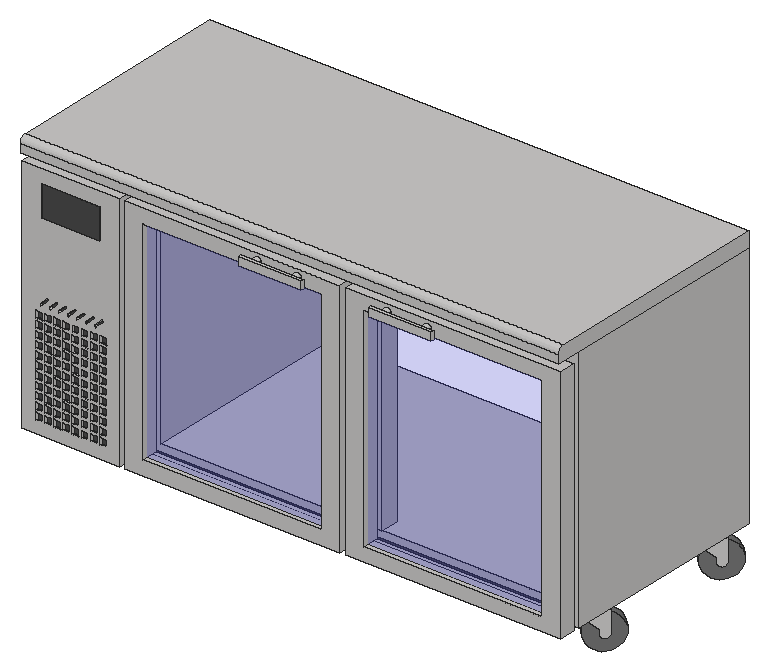
Revit family "QF_Turbo Air_JUR-60-G6ab270f9-b855-4d16-9dae-2dbcf4addbfa", category Specialty Equipment, Revit 2012
Parameters
  Weight in Pounds = 275
  Watermarked By = "http://revitwatermark.com"
  Volts = 115 V
  URL Cutsheet = ""
  URL = "www.turboairinc.com"
  Status [instance] = ""
  Specification by User [instance] = ""
  Specification by Manufacturer [instance] = ""
  Serial Number [instance] = ""
  Revision Code [instance] = ""
  Phase = 1
  Number of Poles [instance] = 1
  NAFEM Spec ID Number [instance] = ""
  Model = "JUR-60-G"
  Masterspec [instance] = ""
  Manufacturer = "Turbo Air"  # constant formula
  Legs [instance] = [6 inch Legs]  # no
  Item Number [instance] = "-"
  Installed By [instance] = ""
  HP = "1/4"
  Furnished By [instance] = ""
  Foodservice Equipment Identifier = yes
  FL Amps = 4.8 A
  Electrical Remarks [instance] = ""
  Electric Connection Type [instance] = ""
  Elec Conn RI Height [instance] = 0' - 0"
  Elec Conn Connection Height = 1' - 0"
  Description = "Undercounter Refrigerator"
  Cycle = 60 Hz
  Conn Plug = "NEMA 5-15P"
  Casters [instance] = not(Legs)  # yes
  CasterLeg Height [instance] = if([4 inch Casters], 0' 5", if([5 inch Casters], 0' 5 3/4", if([2_5 inch Casters], 0' 3 3/8", 0' 6")))  # 0' - 5"
  CSI MasterFormat = "11 41 13"
  Assembly Code = "E1090320"
  Apparent Power = if(Phase = 3, Volts * FL Amps * 1.73, Volts * FL Amps)  # 552 VA
  6 inch Legs [instance] = no
  5 inch Casters [instance] = no
  4 inch Casters [instance] = yes
  2_5 inch Casters [instance] = no
Reference planes (in)
  plane 1 "BACK": y = -1.5
  plane 2: z = 0
  plane 3 "LEFT": x = -20.72594
  plane 4 "Bottom": z = 5
  plane 5 "Back Stops": y = -0.5
  plane 6 "RIGHT": x = 38.27406
  plane 7 "FRONT": y = -29
  plane 8 "Door Clearance": y = -49.25
  plane 9 "Back of Door": y = -25.4375
  plane 10 "Front of Box": y = -24.75
  plane 11 "Counter Top": z = 33.75
  plane 12 "Top of Door": z = 31.25
  plane 13 "Front of Doors": y = -27.25
  plane 14 "Front of Ledge": y = -27.5
  plane 15 "Left of Right Door": x = 14.71156
  plane 16 "Right of Grill": x = -9.97594
  plane 17 "Right of Left Door": x = 14.08656
  plane 18 "Left of Left Door": x = -9.47594
Forms (in)
  Extrusion 1, solid, material "QF_Finishes_Stainless Steel"
    sketch origin (-20.72594, 0, 0) x (0, 1, 0) y (0, 0, 1)
      loop
        line (-1.5, 32.125) -> (-1.5, 33.75) -> (-26.8125, 33.75)
        arc (-26.8125, 33.75) -> (-27.29864, 33.54864) -> (-27.5, 33.0625) r 0.6875
        line (-27.5, 33.0625) -> (-27.5, 32.125) -> (-1.5, 32.125)
    from 0 to 59
  Extrusion 2, solid, material "QF_Finishes_Black"
    sketch origin (0, -24.75, 0) x (1, 0, 0) y (0, 0, 1)
      loop
        line (37.27406, 6) -> (37.27406, 30.25) -> (15.71156, 30.25) -> (15.71156, 6) -> (37.27406, 6)
      loop
        line (13.08656, 6) -> (13.08656, 30.25) -> (-8.47594, 30.25) -> (-8.47594, 6) -> (13.08656, 6)
      loop
        line (-8.22594, 6.25) -> (12.83656, 6.25) -> (12.83656, 30) -> (-8.22594, 30) -> (-8.22594, 6.25)
      loop
        line (15.96156, 30) -> (15.96156, 6.25) -> (37.02406, 6.25) -> (37.02406, 30) -> (15.96156, 30)
    from 0 to 0.6875
  Extrusion 3, solid, material "QF_Finishes_Black"
    sketch origin (0, -1.5, 0) x (1, 0, 0) y (0, 0, 1)
      loop
        circle (-14.60094, 28.9375) r 0.5
      loop
        circle (32.14906, 28.9375) r 0.5
    from 0 to -1
  Extrusion 4, solid, material "QF_Finishes_Stainless Steel"
    sketch origin (0, -1.5, 0) x (1, 0, 0) y (0, 0, 1)
      loop
        circle (-15.35094, 11.125) r 0.25
    from 0 to -0.0625
  Extrusion 5, solid, material "QF_Finishes_Stainless Steel"
    sketch origin (0, -24.75, 0) x (1, 0, 0) y (0, 0, 1)
      loop
        line (-20.72594, 31.25) -> (-20.72594, 5) -> (-9.97594, 5) -> (-9.97594, 31.25) -> (-20.72594, 31.25)
      loop
        line (-11.47594, 7.125) -> (-12.22594, 7.125) -> (-12.22594, 6.375) -> (-11.47594, 6.375) -> (-11.47594, 7.125)
      loop
        line (-12.47594, 7.125) -> (-13.22594, 7.125) -> (-13.22594, 6.375) -> (-12.47594, 6.375) -> (-12.47594, 7.125)
      loop
        line (-13.47594, 7.125) -> (-14.22594, 7.125) -> (-14.22594, 6.375) -> (-13.47594, 6.375) -> (-13.47594, 7.125)
      loop
        line (-14.47594, 7.125) -> (-15.22594, 7.125) -> (-15.22594, 6.375) -> (-14.47594, 6.375) -> (-14.47594, 7.125)
      loop
        line (-15.47594, 7.125) -> (-16.22594, 7.125) -> (-16.22594, 6.375) -> (-15.47594, 6.375) -> (-15.47594, 7.125)
      loop
        line (-16.47594, 7.125) -> (-17.22594, 7.125) -> (-17.22594, 6.375) -> (-16.47594, 6.375) -> (-16.47594, 7.125)
      loop
        line (-17.47594, 7.125) -> (-18.22594, 7.125) -> (-18.22594, 6.375) -> (-17.47594, 6.375) -> (-17.47594, 7.125)
      loop
        line (-18.47594, 7.125) -> (-19.22594, 7.125) -> (-19.22594, 6.375) -> (-18.47594, 6.375) -> (-18.47594, 7.125)
      loop
        line (-11.47594, 8.125) -> (-12.22594, 8.125) -> (-12.22594, 7.375) -> (-11.47594, 7.375) -> (-11.47594, 8.125)
      loop
        line (-12.47594, 8.125) -> (-13.22594, 8.125) -> (-13.22594, 7.375) -> (-12.47594, 7.375) -> (-12.47594, 8.125)
      loop
        line (-13.47594, 8.125) -> (-14.22594, 8.125) -> (-14.22594, 7.375) -> (-13.47594, 7.375) -> (-13.47594, 8.125)
      loop
        line (-14.47594, 8.125) -> (-15.22594, 8.125) -> (-15.22594, 7.375) -> (-14.47594, 7.375) -> (-14.47594, 8.125)
      loop
        line (-15.47594, 8.125) -> (-16.22594, 8.125) -> (-16.22594, 7.375) -> (-15.47594, 7.375) -> (-15.47594, 8.125)
      loop
        line (-16.47594, 8.125) -> (-17.22594, 8.125) -> (-17.22594, 7.375) -> (-16.47594, 7.375) -> (-16.47594, 8.125)
      loop
        line (-17.47594, 8.125) -> (-18.22594, 8.125) -> (-18.22594, 7.375) -> (-17.47594, 7.375) -> (-17.47594, 8.125)
      loop
        line (-18.47594, 8.125) -> (-19.22594, 8.125) -> (-19.22594, 7.375) -> (-18.47594, 7.375) -> (-18.47594, 8.125)
      loop
        line (-11.47594, 9.125) -> (-12.22594, 9.125) -> (-12.22594, 8.375) -> (-11.47594, 8.375) -> (-11.47594, 9.125)
      loop
        line (-12.47594, 9.125) -> (-13.22594, 9.125) -> (-13.22594, 8.375) -> (-12.47594, 8.375) -> (-12.47594, 9.125)
      loop
        line (-13.47594, 9.125) -> (-14.22594, 9.125) -> (-14.22594, 8.375) -> (-13.47594, 8.375) -> (-13.47594, 9.125)
      loop
        line (-14.47594, 9.125) -> (-15.22594, 9.125) -> (-15.22594, 8.375) -> (-14.47594, 8.375) -> (-14.47594, 9.125)
      loop
        line (-15.47594, 9.125) -> (-16.22594, 9.125) -> (-16.22594, 8.375) -> (-15.47594, 8.375) -> (-15.47594, 9.125)
      loop
        line (-16.47594, 9.125) -> (-17.22594, 9.125) -> (-17.22594, 8.375) -> (-16.47594, 8.375) -> (-16.47594, 9.125)
      loop
        line (-17.47594, 9.125) -> (-18.22594, 9.125) -> (-18.22594, 8.375) -> (-17.47594, 8.375) -> (-17.47594, 9.125)
      loop
        line (-18.47594, 9.125) -> (-19.22594, 9.125) -> (-19.22594, 8.375) -> (-18.47594, 8.375) -> (-18.47594, 9.125)
      loop
        line (-11.47594, 10.125) -> (-12.22594, 10.125) -> (-12.22594, 9.375) -> (-11.47594, 9.375) -> (-11.47594, 10.125)
      loop
        line (-12.47594, 10.125) -> (-13.22594, 10.125) -> (-13.22594, 9.375) -> (-12.47594, 9.375) -> (-12.47594, 10.125)
      loop
        line (-13.47594, 10.125) -> (-14.22594, 10.125) -> (-14.22594, 9.375) -> (-13.47594, 9.375) -> (-13.47594, 10.125)
      loop
        line (-14.47594, 10.125) -> (-15.22594, 10.125) -> (-15.22594, 9.375) -> (-14.47594, 9.375) -> (-14.47594, 10.125)
      loop
        line (-15.47594, 10.125) -> (-16.22594, 10.125) -> (-16.22594, 9.375) -> (-15.47594, 9.375) -> (-15.47594, 10.125)
      loop
        line (-16.47594, 10.125) -> (-17.22594, 10.125) -> (-17.22594, 9.375) -> (-16.47594, 9.375) -> (-16.47594, 10.125)
      loop
        line (-17.47594, 10.125) -> (-18.22594, 10.125) -> (-18.22594, 9.375) -> (-17.47594, 9.375) -> (-17.47594, 10.125)
      loop
        line (-18.47594, 10.125) -> (-19.22594, 10.125) -> (-19.22594, 9.375) -> (-18.47594, 9.375) -> (-18.47594, 10.125)
      loop
        line (-11.47594, 11.125) -> (-12.22594, 11.125) -> (-12.22594, 10.375) -> (-11.47594, 10.375) -> (-11.47594, 11.125)
      loop
        line (-12.47594, 11.125) -> (-13.22594, 11.125) -> (-13.22594, 10.375) -> (-12.47594, 10.375) -> (-12.47594, 11.125)
      loop
        line (-13.47594, 11.125) -> (-14.22594, 11.125) -> (-14.22594, 10.375) -> (-13.47594, 10.375) -> (-13.47594, 11.125)
      loop
        line (-14.47594, 11.125) -> (-15.22594, 11.125) -> (-15.22594, 10.375) -> (-14.47594, 10.375) -> (-14.47594, 11.125)
      loop
        line (-15.47594, 11.125) -> (-16.22594, 11.125) -> (-16.22594, 10.375) -> (-15.47594, 10.375) -> (-15.47594, 11.125)
      loop
        line (-16.47594, 11.125) -> (-17.22594, 11.125) -> (-17.22594, 10.375) -> (-16.47594, 10.375) -> (-16.47594, 11.125)
      loop
        line (-17.47594, 11.125) -> (-18.22594, 11.125) -> (-18.22594, 10.375) -> (-17.47594, 10.375) -> (-17.47594, 11.125)
      loop
        line (-18.47594, 11.125) -> (-19.22594, 11.125) -> (-19.22594, 10.375) -> (-18.47594, 10.375) -> (-18.47594, 11.125)
      loop
        line (-11.47594, 12.125) -> (-12.22594, 12.125) -> (-12.22594, 11.375) -> (-11.47594, 11.375) -> (-11.47594, 12.125)
      loop
        line (-12.47594, 12.125) -> (-13.22594, 12.125) -> (-13.22594, 11.375) -> (-12.47594, 11.375) -> (-12.47594, 12.125)
      loop
        line (-13.47594, 12.125) -> (-14.22594, 12.125) -> (-14.22594, 11.375) -> (-13.47594, 11.375) -> (-13.47594, 12.125)
      loop
        line (-14.47594, 12.125) -> (-15.22594, 12.125) -> (-15.22594, 11.375) -> (-14.47594, 11.375) -> (-14.47594, 12.125)
      loop
        line (-15.47594, 12.125) -> (-16.22594, 12.125) -> (-16.22594, 11.375) -> (-15.47594, 11.375) -> (-15.47594, 12.125)
      loop
        line (-16.47594, 12.125) -> (-17.22594, 12.125) -> (-17.22594, 11.375) -> (-16.47594, 11.375) -> (-16.47594, 12.125)
      loop
        line (-17.47594, 12.125) -> (-18.22594, 12.125) -> (-18.22594, 11.375) -> (-17.47594, 11.375) -> (-17.47594, 12.125)
      loop
        line (-18.47594, 12.125) -> (-19.22594, 12.125) -> (-19.22594, 11.375) -> (-18.47594, 11.375) -> (-18.47594, 12.125)
      loop
        line (-11.47594, 13.125) -> (-12.22594, 13.125) -> (-12.22594, 12.375) -> (-11.47594, 12.375) -> (-11.47594, 13.125)
      loop
        line (-12.47594, 13.125) -> (-13.22594, 13.125) -> (-13.22594, 12.375) -> (-12.47594, 12.375) -> (-12.47594, 13.125)
      loop
        line (-13.47594, 13.125) -> (-14.22594, 13.125) -> (-14.22594, 12.375) -> (-13.47594, 12.375) -> (-13.47594, 13.125)
      loop
        line (-14.47594, 13.125) -> (-15.22594, 13.125) -> (-15.22594, 12.375) -> (-14.47594, 12.375) -> (-14.47594, 13.125)
      loop
        line (-15.47594, 13.125) -> (-16.22594, 13.125) -> (-16.22594, 12.375) -> (-15.47594, 12.375) -> (-15.47594, 13.125)
      loop
        line (-16.47594, 13.125) -> (-17.22594, 13.125) -> (-17.22594, 12.375) -> (-16.47594, 12.375) -> (-16.47594, 13.125)
      loop
        line (-17.47594, 13.125) -> (-18.22594, 13.125) -> (-18.22594, 12.375) -> (-17.47594, 12.375) -> (-17.47594, 13.125)
      loop
        line (-18.47594, 13.125) -> (-19.22594, 13.125) -> (-19.22594, 12.375) -> (-18.47594, 12.375) -> (-18.47594, 13.125)
      loop
        line (-11.47594, 14.125) -> (-12.22594, 14.125) -> (-12.22594, 13.375) -> (-11.47594, 13.375) -> (-11.47594, 14.125)
      loop
        line (-12.47594, 14.125) -> (-13.22594, 14.125) -> (-13.22594, 13.375) -> (-12.47594, 13.375) -> (-12.47594, 14.125)
      loop
        line (-13.47594, 14.125) -> (-14.22594, 14.125) -> (-14.22594, 13.375) -> (-13.47594, 13.375) -> (-13.47594, 14.125)
      loop
        line (-14.47594, 14.125) -> (-15.22594, 14.125) -> (-15.22594, 13.375) -> (-14.47594, 13.375) -> (-14.47594, 14.125)
      loop
        line (-15.47594, 14.125) -> (-16.22594, 14.125) -> (-16.22594, 13.375) -> (-15.47594, 13.375) -> (-15.47594, 14.125)
      loop
        line (-16.47594, 14.125) -> (-17.22594, 14.125) -> (-17.22594, 13.375) -> (-16.47594, 13.375) -> (-16.47594, 14.125)
      loop
        line (-17.47594, 14.125) -> (-18.22594, 14.125) -> (-18.22594, 13.375) -> (-17.47594, 13.375) -> (-17.47594, 14.125)
      loop
        line (-18.47594, 14.125) -> (-19.22594, 14.125) -> (-19.22594, 13.375) -> (-18.47594, 13.375) -> (-18.47594, 14.125)
      loop
        line (-11.47594, 15.125) -> (-12.22594, 15.125) -> (-12.22594, 14.375) -> (-11.47594, 14.375) -> (-11.47594, 15.125)
      loop
        line (-12.47594, 15.125) -> (-13.22594, 15.125) -> (-13.22594, 14.375) -> (-12.47594, 14.375) -> (-12.47594, 15.125)
      loop
        line (-13.47594, 15.125) -> (-14.22594, 15.125) -> (-14.22594, 14.375) -> (-13.47594, 14.375) -> (-13.47594, 15.125)
      loop
        line (-14.47594, 15.125) -> (-15.22594, 15.125) -> (-15.22594, 14.375) -> (-14.47594, 14.375) -> (-14.47594, 15.125)
      loop
        line (-15.47594, 15.125) -> (-16.22594, 15.125) -> (-16.22594, 14.375) -> (-15.47594, 14.375) -> (-15.47594, 15.125)
      loop
        line (-16.47594, 15.125) -> (-17.22594, 15.125) -> (-17.22594, 14.375) -> (-16.47594, 14.375) -> (-16.47594, 15.125)
      loop
        line (-17.47594, 15.125) -> (-18.22594, 15.125) -> (-18.22594, 14.375) -> (-17.47594, 14.375) -> (-17.47594, 15.125)
      loop
        line (-18.47594, 15.125) -> (-19.22594, 15.125) -> (-19.22594, 14.375) -> (-18.47594, 14.375) -> (-18.47594, 15.125)
      loop
        line (-11.47594, 16.125) -> (-12.22594, 16.125) -> (-12.22594, 15.375) -> (-11.47594, 15.375) -> (-11.47594, 16.125)
      loop
        line (-12.47594, 16.125) -> (-13.22594, 16.125) -> (-13.22594, 15.375) -> (-12.47594, 15.375) -> (-12.47594, 16.125)
      loop
        line (-13.47594, 16.125) -> (-14.22594, 16.125) -> (-14.22594, 15.375) -> (-13.47594, 15.375) -> (-13.47594, 16.125)
      loop
        line (-14.47594, 16.125) -> (-15.22594, 16.125) -> (-15.22594, 15.375) -> (-14.47594, 15.375) -> (-14.47594, 16.125)
      loop
        line (-15.47594, 16.125) -> (-16.22594, 16.125) -> (-16.22594, 15.375) -> (-15.47594, 15.375) -> (-15.47594, 16.125)
      loop
        line (-16.47594, 16.125) -> (-17.22594, 16.125) -> (-17.22594, 15.375) -> (-16.47594, 15.375) -> (-16.47594, 16.125)
      loop
        line (-17.47594, 16.125) -> (-18.22594, 16.125) -> (-18.22594, 15.375) -> (-17.47594, 15.375) -> (-17.47594, 16.125)
      loop
        line (-18.47594, 16.125) -> (-19.22594, 16.125) -> (-19.22594, 15.375) -> (-18.47594, 15.375) -> (-18.47594, 16.125)
      loop
        line (-11.47594, 17.125) -> (-12.22594, 17.125) -> (-12.22594, 16.375) -> (-11.47594, 16.375) -> (-11.47594, 17.125)
      loop
        line (-12.47594, 17.125) -> (-13.22594, 17.125) -> (-13.22594, 16.375) -> (-12.47594, 16.375) -> (-12.47594, 17.125)
      loop
        line (-13.47594, 17.125) -> (-14.22594, 17.125) -> (-14.22594, 16.375) -> (-13.47594, 16.375) -> (-13.47594, 17.125)
      loop
        line (-14.47594, 17.125) -> (-15.22594, 17.125) -> (-15.22594, 16.375) -> (-14.47594, 16.375) -> (-14.47594, 17.125)
      loop
        line (-15.47594, 17.125) -> (-16.22594, 17.125) -> (-16.22594, 16.375) -> (-15.47594, 16.375) -> (-15.47594, 17.125)
      loop
        line (-16.47594, 17.125) -> (-17.22594, 17.125) -> (-17.22594, 16.375) -> (-16.47594, 16.375) -> (-16.47594, 17.125)
      loop
        line (-17.47594, 17.125) -> (-18.22594, 17.125) -> (-18.22594, 16.375) -> (-17.47594, 16.375) -> (-17.47594, 17.125)
      loop
        line (-18.47594, 17.125) -> (-19.22594, 17.125) -> (-19.22594, 16.375) -> (-18.47594, 16.375) -> (-18.47594, 17.125)
      loop
        arc (-14.68933, 17.96339) -> (-14.68933, 17.78661) -> (-14.51255, 17.78661) r 0.125
        line (-14.51255, 17.78661) -> (-13.80544, 18.49372)
        arc (-13.80544, 18.49372) -> (-13.80544, 18.6705) -> (-13.98222, 18.6705) r 0.125
        line (-13.98222, 18.6705) -> (-14.68933, 17.96339)
      loop
        arc (-13.68933, 17.96339) -> (-13.68933, 17.78661) -> (-13.51255, 17.78661) r 0.125
        line (-13.51255, 17.78661) -> (-12.80544, 18.49372)
        arc (-12.80544, 18.49372) -> (-12.80544, 18.6705) -> (-12.98222, 18.6705) r 0.125
        line (-12.98222, 18.6705) -> (-13.68933, 17.96339)
      loop
        arc (-12.68933, 17.96339) -> (-12.68933, 17.78661) -> (-12.51255, 17.78661) r 0.125
        line (-12.51255, 17.78661) -> (-11.80544, 18.49372)
        arc (-11.80544, 18.49372) -> (-11.80544, 18.6705) -> (-11.98222, 18.6705) r 0.125
        line (-11.98222, 18.6705) -> (-12.68933, 17.96339)
      loop
        arc (-17.68933, 17.96339) -> (-17.68933, 17.78661) -> (-17.51255, 17.78661) r 0.125
        line (-17.51255, 17.78661) -> (-16.80544, 18.49372)
        arc (-16.80544, 18.49372) -> (-16.80544, 18.6705) -> (-16.98222, 18.6705) r 0.125
        line (-16.98222, 18.6705) -> (-17.68933, 17.96339)
      loop
        arc (-16.68933, 17.96339) -> (-16.68933, 17.78661) -> (-16.51255, 17.78661) r 0.125
        line (-16.51255, 17.78661) -> (-15.80544, 18.49372)
        arc (-15.80544, 18.49372) -> (-15.80544, 18.6705) -> (-15.98222, 18.6705) r 0.125
        line (-15.98222, 18.6705) -> (-16.68933, 17.96339)
      loop
        arc (-15.68933, 17.96339) -> (-15.68933, 17.78661) -> (-15.51255, 17.78661) r 0.125
        line (-15.51255, 17.78661) -> (-14.80544, 18.49372)
        arc (-14.80544, 18.49372) -> (-14.80544, 18.6705) -> (-14.98222, 18.6705) r 0.125
        line (-14.98222, 18.6705) -> (-15.68933, 17.96339)
      loop
        arc (-18.68933, 17.96339) -> (-18.68933, 17.78661) -> (-18.51255, 17.78661) r 0.125
        line (-18.51255, 17.78661) -> (-17.80544, 18.49372)
        arc (-17.80544, 18.49372) -> (-17.80544, 18.6705) -> (-17.98222, 18.6705) r 0.125
        line (-17.98222, 18.6705) -> (-18.68933, 17.96339)
      loop
        line (-12.16344, 29.75) -> (-18.53844, 29.75) -> (-18.53844, 26.375) -> (-12.16344, 26.375) -> (-12.16344, 29.75)
    from 0 to 2.5
  Extrusion 6, solid, material "QF_Finishes_Black"
    sketch origin (0, -24.75, 0) x (1, 0, 0) y (0, 0, 1)
      loop
        line (-19.72594, 5.875) -> (-10.97594, 5.875) -> (-10.97594, 19.125) -> (-19.72594, 19.125) -> (-19.72594, 5.875)
    from 0 to 2.25
  Extrusion 7, solid, material "QF_Finishes_Black"
    sketch origin (0, -24.75, 0) x (1, 0, 0) y (0, 0, 1)
      loop
        line (-18.53844, 29.75) -> (-18.53844, 26.375) -> (-12.16344, 26.375) -> (-12.16344, 29.75) -> (-18.53844, 29.75)
    from 0 to 2.5
  Extrusion 8, solid, material "QF_Finishes_Stainless Steel"
    sketch origin (0, -1.5, 0) x (1, 0, 0) y (0, 0, 1)
      loop
        line (-20.72594, 32.125) -> (-20.72594, 5) -> (38.27406, 5) -> (38.27406, 32.125) -> (-20.72594, 32.125)
      loop
        line (-7.47594, 29.25) -> (-7.47594, 7) -> (36.27406, 7) -> (36.27406, 29.25) -> (-7.47594, 29.25)
    from 0 to 23.25
  Extrusion 9, solid, material "QF_Finishes_Stainless Steel"
    sketch origin (0, -24.75, 0) x (1, 0, 0) y (0, 0, 1)
      loop
        line (16.71156, 29.25) -> (12.08656, 29.25) -> (12.08656, 7) -> (16.71156, 7) -> (16.71156, 29.25)
    from 0 to -2
Lines and regions (in)
  symbolic lines
    curve 1: line (-20.72594, -1.5, 33.75) -> (38.27406, -1.5, 33.75)
    curve 2: line (-20.72594, -29, 33.75) -> (-20.72594, -1.5, 33.75)
    curve 3: line (38.27406, -29, 33.75) -> (-20.72594, -29, 33.75)
    curve 4: line (38.27406, -1.5, 33.75) -> (38.27406, -29, 33.75)
    curve 5: line (31.64906, -0.5, 33.75) -> (32.64906, -0.5, 33.75)
    curve 6: line (-15.10094, -0.5, 33.75) -> (-14.10094, -0.5, 33.75)
    curve 7: line (-15.10094, -0.5, 33.75) -> (-15.10094, -1.5, 33.75)
    curve 8: line (-14.10094, -0.5, 33.75) -> (-14.10094, -1.5, 33.75)
    curve 9: line (31.64906, -0.5, 33.75) -> (31.64906, -1.5, 33.75)
    curve 10: line (32.64906, -0.5, 33.75) -> (32.64906, -1.5, 33.75)
  symbolic lines, style "QF_Clearances", detail levels coarse
    curve 11: line (38.27406, -29, 33.75) -> (38.27406, -49.25, 33.75)
    curve 12: arc (38.27406, -49.25, 33.75) -> (22.82834, -43.48135, 33.75) -> (14.94556, -29, 33.75) r 23.5625
    curve 13: line (-9.47594, -29, 33.75) -> (-9.47594, -49.25, 33.75)
    curve 14: arc (-9.47594, -49.25, 33.75) -> (5.96978, -43.48135, 33.75) -> (13.85256, -29, 33.75) r 23.5625
Dimensions and locks (in)
  "CasterLeg Height": plane 4 "Bottom" to plane 2
  locked: plane 1 "BACK" to plane 5 "Back Stops" at 1
  locked: plane 6 "RIGHT" to plane 3 "LEFT" at 59
  locked: plane 7 "FRONT" to plane 1 "BACK" at 27.5
  locked: plane 9 "Back of Door" to plane 10 "Front of Box" at 0.6875
  locked: plane 11 "Counter Top" to plane 4 "Bottom" at 28.75
  locked: Extrusion 2 sketch curve to plane 6 "RIGHT" at 1
  locked: nested 1 to plane 1 "BACK" at 2.5625
  locked: plane 3 "LEFT" to nested 1 at 2.5
  locked: plane 3 "LEFT" to nested 2 at 2.5
  locked: plane 10 "Front of Box" to nested 2 at 4.625
  locked: nested 3 to plane 6 "RIGHT" at 2.5
  locked: nested 4 to plane 6 "RIGHT" at 2.5
  locked: plane 10 "Front of Box" to nested 4 at 4.625
  locked: nested 3 to plane 1 "BACK" at 2.5625
  locked: plane 11 "Counter Top" to Extrusion 3 sketch curve at 4.8125  (x2)
  locked: plane 6 "RIGHT" to Extrusion 3 sketch curve at 6.125
  locked: Extrusion 3 sketch curve to plane 3 "LEFT" at 6.125
  locked: Extrusion 4 sketch curve to plane 4 "Bottom" at 6.125
  locked: Extrusion 2 sketch curve to plane 4 "Bottom" at 1  (x2)
  locked: plane 12 "Top of Door" to Extrusion 2 sketch curve at 1  (x2)
  locked: plane 13 "Front of Doors" to plane 10 "Front of Box" at 2.5
  locked: plane 14 "Front of Ledge" to plane 13 "Front of Doors" at 0.25
  locked: plane 11 "Counter Top" to plane 12 "Top of Door" at 2.5
  locked: plane 11 "Counter Top" to Extrusion 1 sketch curve at 1.625
  locked: plane 15 "Left of Right Door" to plane 6 "RIGHT" at 23.5625
  locked: plane 3 "LEFT" to plane 16 "Right of Grill" at 10.75
  locked: Extrusion 2 sketch curve to plane 15 "Left of Right Door" at 1
  locked: plane 3 "LEFT" to Extrusion 6 sketch curve at 1
  locked: plane 16 "Right of Grill" to Extrusion 6 sketch curve at 1
  locked: Extrusion 6 sketch curve to plane 4 "Bottom" at 0.875
  locked: Extrusion 6 sketch curve to Extrusion 6 sketch curve at 13.25
  locked: Extrusion 4 sketch curve to plane 3 "LEFT" at 5.375
  locked: plane 16 "Right of Grill" to plane 18 "Left of Left Door" at 0.5
  locked: plane 18 "Left of Left Door" to plane 17 "Right of Left Door" at 23.5625
  locked: Extrusion 2 sketch curve to plane 17 "Right of Left Door" at 1
  locked: Extrusion 2 sketch curve to plane 18 "Left of Left Door" at 1
  locked: plane 11 "Counter Top" to Extrusion 8 sketch curve at 1.625
  locked: Extrusion 8 sketch curve to plane 18 "Left of Left Door" at 2
  locked: plane 12 "Top of Door" to Extrusion 8 sketch curve at 2
  locked: Extrusion 8 sketch curve to plane 6 "RIGHT" at 2
  locked: Extrusion 8 sketch curve to plane 4 "Bottom" at 2
  locked: Extrusion 2 sketch curve to Extrusion 2 sketch curve at 0.25  (x8)
  locked: Extrusion 9 sketch curve to plane 17 "Right of Left Door" at 2
  locked: Extrusion 9 sketch curve to plane 15 "Left of Right Door" at 2
  locked: plane 12 "Top of Door" to Extrusion 9 sketch curve at 2
  locked: Extrusion 9 sketch curve to plane 4 "Bottom" at 2
  locked: plane 8 "Door Clearance" to plane 7 "FRONT" at 20.25
  aligned and locked: level to plane 2
  aligned and locked: Extrusion 1 sketch curve to plane 1 "BACK"
  aligned and locked: plane 6 "RIGHT" to Extrusion 1
  aligned and locked: plane 9 "Back of Door" to Extrusion 2
  aligned and locked: Extrusion 1 sketch curve to plane 11 "Counter Top"
  aligned and locked: Extrusion 3 to plane 5 "Back Stops"
  aligned and locked: plane 1 "BACK" to curve 1
  aligned and locked: plane 3 "LEFT" to curve 2
  aligned and locked: curve 3 to plane 7 "FRONT"
  aligned and locked: curve 5 to Extrusion 3
  aligned and locked: curve 6 to Extrusion 3
  aligned and locked: Extrusion 1 sketch curve to plane 14 "Front of Ledge"
  aligned and locked: Extrusion 5 sketch curve to plane 12 "Top of Door"
  aligned and locked: plane 3 "LEFT" to Extrusion 5 sketch curve
  aligned and locked: plane 4 "Bottom" to Extrusion 5 sketch curve
  aligned and locked: plane 16 "Right of Grill" to Extrusion 5 sketch curve
  aligned and locked: plane 13 "Front of Doors" to Extrusion 5
  aligned and locked: plane 13 "Front of Doors" to Extrusion 7
  aligned and locked: plane 3 "LEFT" to Extrusion 8 sketch curve
  aligned and locked: plane 4 "Bottom" to Extrusion 8 sketch curve
  aligned and locked: Extrusion 8 sketch curve to plane 6 "RIGHT"
  aligned and locked: plane 10 "Front of Box" to Extrusion 8
  aligned and locked: plane 4 "Bottom" to nested 6
  aligned and locked: nested 5 to plane 4 "Bottom"
Automatic sketch dimensions
  curve 11 to plane 6 "RIGHT" = 0' - 0"
  plane 8 "Door Clearance" to curve 11 = 0' - 0"
  plane 8 "Door Clearance" to curve 14 = 0' - 0"
  curve 14 to plane 18 "Left of Left Door" = 0' - 0"
  plane 9 "Back of Door" to curve 14 = 0' - 0 1/4"
  plane 9 "Back of Door" to curve 12 = 0' - 0 1/4"
  curve 5 to curve 9 = 0' - 1"
  curve 6 to curve 7 = 0' - 1"
  Extrusion 5 sketch curve to Extrusion 5 sketch curve = 0' - 0.08839"  (x42)
  Extrusion 5 sketch curve to Extrusion 5 sketch curve = 0' - 0 3/4"  (x52)
  Extrusion 5 sketch curve to Extrusion 5 sketch curve = 0' - 0"  (x162)
  Extrusion 5 sketch curve to Extrusion 5 sketch curve = 0' - 0.03661"  (x7)
  Extrusion 5 sketch curve to Extrusion 5 sketch curve = 0' - 0 1/4"  (x125)
  Extrusion 5 sketch curve to Extrusion 5 sketch curve = 0' - 0.70711"  (x2)
  Extrusion 5 sketch curve to Extrusion 5 sketch curve = 0' - 0.11612"  (x6)
  Extrusion 5 sketch curve to Extrusion 5 sketch curve = 0' - 0.82322"  (x6)
  Extrusion 5 sketch curve to plane 16 "Right of Grill" = 0' - 2 3/16"
  plane 4 "Bottom" to Extrusion 5 sketch curve = 0' - 1 3/8"  (x2)
  Extrusion 5 sketch curve to Extrusion 5 sketch curve = 0' - 0.66161"  (x7)
  Extrusion 5 sketch curve to Extrusion 5 sketch curve = 0' - 0.53033"  (x6)
  Extrusion 5 sketch curve to plane 12 "Top of Door" = 0' - 4 7/8"
  Extrusion 5 sketch curve to plane 12 "Top of Door" = 0' - 1 1/2"
  Extrusion 7 sketch curve to plane 16 "Right of Grill" = 0' - 2 3/16"
  Extrusion 7 sketch curve to plane 12 "Top of Door" = 0' - 4 7/8"
  Extrusion 7 sketch curve to plane 12 "Top of Door" = 0' - 1 1/2"
  Extrusion 1 sketch curve to plane 13 "Front of Doors" = 0' - 0 7/16"
  curve 8 to plane 16 "Right of Grill" = 0' - 4 1/8"
  plane 3 "LEFT" to Extrusion 5 sketch curve = 0' - 1 1/2"  (x4)
  Extrusion 5 sketch curve to Extrusion 5 sketch curve = 0' - 0.53661"
  plane 3 "LEFT" to Extrusion 5 sketch curve = 0' - 2 3/16"
  plane 3 "LEFT" to Extrusion 7 sketch curve = 0' - 2 3/16"
  curve 10 to plane 6 "RIGHT" = 0' - 5 5/8"
  radius of Extrusion 3 sketch curve = 0' - 0 1/2"  (x2)
  radius of Extrusion 4 sketch curve = 0' - 0 1/4"
Nested families (in)
  nested 1: "FESCasterLeg" at (-18.22594, -4.0625, 0), Legs <- "Legs", Casters <- "Casters", Height <- "CasterLeg Height", type "FESCasterLeg"
    with Legs no, Height 0' - 5", Casters yes, Caster Radius 0' - 2"
  nested 2: "FESCasterLeg" at (-18.22594, -20.125, 0), Legs <- "Legs", Casters <- "Casters", Height <- "CasterLeg Height", type "FESCasterLeg"
    with Legs no, Height 0' - 5", Casters yes, Caster Radius 0' - 2"
  nested 3: "FESCasterLeg" at (35.77406, -4.0625, 0), Legs <- "Legs", Casters <- "Casters", Height <- "CasterLeg Height", type "FESCasterLeg"
    with Legs no, Height 0' - 5", Casters yes, Caster Radius 0' - 2"
  nested 4: "FESCasterLeg" at (35.77406, -20.125, 0), Legs <- "Legs", Casters <- "Casters", Height <- "CasterLeg Height", type "FESCasterLeg"
    with Legs no, Height 0' - 5", Casters yes, Caster Radius 0' - 2"
  nested 5: "QF_Turbo Air_TBL_Glass-Door" at (29.88823, -25.4375, 5), type "QF_Turbo Air_TBL_Glass-Door"
    with Width 1' - 11 9/16", Symbolic Lines no, Height 2' - 2 1/4", Depth 0' - 1 13/16"
  nested 6: "QF_Turbo Air_TBL_Glass-Door" at (-1.09011, -25.4375, 5) x (-1, 0, 0) z (0, 0, 1), type "QF_Turbo Air_TBL_Glass-Door"
    with Width 1' - 11 9/16", Symbolic Lines no, Height 2' - 2 1/4", Depth 0' - 1 13/16"
Connectors (in)
  electrical at (-15.35094, -1.4375, 11.125), driven by "Number of Poles", driven by "Volts", driven by "Apparent Power"
    settings: on Extrusion 4, index 1, voltage 115 V, apparent load 552 VA, apparent load phase1 0 VA, apparent load phase2 0 VA, apparent load phase3 0 VA, power factor 1, load classification "Other", number of poles 1, system type 30, power factor state 1, is connector primary yes, connector utility no, sub classification motor no, connector description ""
Definition of nested family "FESCasterLeg"
  Parameters (values of type "FESCasterLeg")
    Watermarked By = "http://revitwatermark.com"
    Type Comments = "⍁⍉⌁⌀⏭⎽⌇⍠⌜⍉⎖⌥⌦⌯⍭⏊⍻⍿⍊⏵⍊⏗⏠⍴⎡⌈⎀⍠⌓⌤⏘⎐⍀⌐⏬⏁⎈⏍⏦⎒⏬⌝⍩⍇⌣〈⎫〉⎁⏊⍥⍖⍥⍝⍦⌖⍀⏌⏭⎝⎼⏷⏞⍻⏯⎽⏷⏞⍻⏯⎽⏷⎺⌻⎝⍎⌧⏷⏟⏿⌿⍜⍦⍤⌁⍬⏶⏎⍊⏚⏉⎞⌡⎀⎪⏈⌟⌿⍾⍼⌟⌿⌢⌞⏜⏝⎽⍷⍷⍯⍧⍷⌯⍽⏸⏨⏾⏎⌣⏺⍹⏼⏅⎏⌽⎫⎪⍙⎓⏗⎗⏅⌴⍏⍏⍿⏑⎺⍘⌭⏲⍥⎛⎾⎾⍞⍌⎪⎲⌙⎥⏏⎟⎟⏼⏘⎏⎝⏧⏍⏁⍏⍧⏯⏾⌟"
    Legs [instance] = yes
    Height [instance] = 0' - 6"
    Caster Radius [instance] = if(Height < 0' 3", 0' 1", (Height / 2) - 0' 0 1/2")  # 0' - 2 1/2"
    Casters [instance] = yes
    Assembly Code = ""
  Reference planes (in)
    plane 1 "Center (Front/Back)": y = 0
    plane 2: z = 0
    plane 3 "Center (Left/Right)": x = 0
    plane 4: z = 6
    plane 5: z = 5.5
  Forms (in)
    Extrusion 1, solid, material "QF_Finishes_Stainless Steel", visible <- "Casters"
      sketch origin (-24.12131, -22.88887, 10.18833) x (0.707107, 0.707107, 0) y (0, 0, 1)
        loop
          line (34.98772, -7.68833) -> (34.98772, -4.93833) -> (34.48772, -4.93833) -> (34.39402, -4.68833) -> (32.39402, -4.68833) -> (32.39402, -5.43833) -> (33.98772, -7.34206) -> (33.98772, -7.68833)
          arc (33.98772, -7.68833) -> (34.48772, -8.18833) -> (34.98772, -7.68833) r 0.5
      from 0 to 1.75
    Extrusion 2, solid, material "QF_Finishes_Rubber Black", visible <- "Casters"
      sketch origin (-24.32327, -23.09083, 13.31461) x (0.707107, 0.707107, 0) y (0, 0, 1)
        loop
          circle (34.77334, -10.81461) r 2.5
      from 0.375 to 1.375
    Extrusion 3, solid, material "QF_Finishes_Stainless Steel", visible <- "Casters"
      sketch origin (-7.24148, -8.48391, 0) x (0.707107, 0.707107, 0) y (0, 0, 1)
        loop
          line (10.61603, 5.5) -> (11.61603, 5.5) -> (11.61603, 6) -> (10.61603, 6) -> (10.61603, 5.5)
      from 0 to -1.75
    Blend 4, solid, material "QF_Finishes_Stainless Steel", visible <- "Legs"
      base sketch origin (0, 0, 0) x (1, 0, 0) y (0, 1, 0)
        loop
          circle (0, 0) r 0.5
      top sketch origin (0, 0, 0) x (1, 0, 0) y (0, 1, 0)
        loop
          circle (0, 0) r 1
      from 0 to 6 <- "Height"
  Lines and regions (in)
    symbolic lines, style "QF_Hidden Details", visible <- "Casters", built-in parameter 1006206 <- "Casters"
      curve 1: line (-1.26158, -0.51911, 0) -> (1.39007, 2.13254, 0)
      curve 2: line (-0.53429, -1.24639, 0) -> (2.11736, 1.40526, 0)
    symbolic lines, style "QF_Hidden Details", built-in parameter 1006206 <- "Casters", visible <- "Casters"
      curve 3: line (-1.26158, -0.51911, 0) -> (1.39007, 2.13254, 0)
      curve 4: line (-0.53429, -1.24639, 0) -> (2.11736, 1.40526, 0)
  Dimensions and locks (in)
    locked: plane 4 to plane 5 at 0.5
    "Height": plane 4 to level
    "Caster Radius": Extrusion 2 sketch curve to level
    "Caster Radius": Extrusion 1 sketch curve to level
    "Caster Radius": radius of Extrusion 2 sketch curve
    aligned and locked: plane 2 to level
    aligned: Blend 4 to Extrusion 3
    aligned and locked: plane 4 to Blend 4
    aligned and locked: Extrusion 3 to plane 5
    aligned and locked: plane 4 to Extrusion 3
    aligned and locked: plane 5 to Extrusion 1
  Automatic sketch dimensions
    plane 1 "Center (Front/Back)" to curve 3 = 0' - 0.51911"
    curve 3 to plane 3 "Center (Left/Right)" = 0' - 1.26158"
    plane 1 "Center (Front/Back)" to curve 1 = 0' - 0.51911"
    curve 1 to curve 3 = 0' - 0"  (x3)
    curve 4 to plane 3 "Center (Left/Right)" = 0' - 0.53429"
    curve 2 to curve 4 = 0' - 0"  (x2)
    plane 3 "Center (Left/Right)" to curve 3 = 0' - 1.39007"
    curve 1 to curve 4 = 0' - 0.72729"
    curve 2 to curve 1 = 0' - 0.72729"
    curve 4 to curve 2 = 0' - 0"  (x2)
    curve 2 to plane 1 "Center (Front/Back)" = 0' - 1.40526"
    curve 2 to curve 3 = 0' - 0.72729"
    plane 5 to Extrusion 1 sketch curve = 0' - 0"
    Extrusion 1 sketch curve to Extrusion 1 sketch curve = 0' - 1.5937"
    Extrusion 1 sketch curve to Extrusion 1 sketch curve = 0' - 2"
    Extrusion 1 sketch curve to Extrusion 1 sketch curve = 0' - 0.0937"
    Extrusion 1 sketch curve to Extrusion 1 sketch curve = 0' - 0 1/2"
    Extrusion 1 sketch curve to Extrusion 1 sketch curve = 0' - 0.34627"
    Extrusion 1 sketch curve to plane 5 = 0' - 0 3/4"
    Extrusion 1 sketch curve to plane 5 = 0' - 0 1/4"
    Extrusion 3 sketch curve to plane 5 = 0' - 0"
    plane 4 to Extrusion 3 sketch curve = 0' - 0"
    Extrusion 3 sketch curve to Extrusion 3 sketch curve = 0' - 1"
    plane 1 "Center (Front/Back)" to Blend 4 sketch curve = 0' - 0"  (x2)
    Blend 4 sketch curve to plane 3 "Center (Left/Right)" = 0' - 0"  (x2)
    radius of Blend 4 sketch curve = 0' - 0 1/2"
    radius of Blend 4 sketch curve = 0' - 1"
Definition of nested family "QF_Turbo Air_TBL_Glass-Door"
  Parameters (values of type "QF_Turbo Air_TBL_Glass-Door")
    Width [instance] = 1' - 5 3/4"
    Watermarked By = "http://revitwatermark.com"
    Symbolic Lines [instance] = yes
    Manufacturer = "Turbo Air"  # constant formula
    Height [instance] = 2' - 2 5/16"
    Depth [instance] = 0' - 1 13/16"
  Reference planes (in)
    plane 1 "BACK": y = 0
    plane 2: z = 0
    plane 3 "LEFT": x = -15.17667
    plane 4: x = 2.57333
    plane 5 "FRONT": y = -1.8125
    plane 6: z = 26.3125
    plane 7: x = -13.17667
    plane 8: x = 0.57333
    plane 9: z = 24.8125
    plane 10: z = 1.5
    plane 11 "Handle": z = 25.5625
    plane 12: x = -11.80167
    plane 13: x = -4.92667
  Forms (in)
    Extrusion 1, solid, material "QF_Finishes_Stainless Steel"
      sketch origin (0, 0, 0) x (1, 0, 0) y (0, 0, 1)
        loop
          line (-15.17667, 26.3125) -> (-15.17667, 0) -> (2.57333, 0) -> (2.57333, 26.3125) -> (-15.17667, 26.3125)
        loop
          line (-13.17667, 24.8125) -> (-13.17667, 1.5) -> (0.57333, 1.5) -> (0.57333, 24.8125) -> (-13.17667, 24.8125)
      from 0 to 1.8125
    Extrusion 2, solid, material "QF_Finishes_Glass"
      sketch origin (0, 0, 0) x (1, 0, 0) y (0, 0, 1)
        loop
          line (-13.17667, 24.8125) -> (-13.17667, 1.5) -> (0.57333, 1.5) -> (0.57333, 24.8125) -> (-13.17667, 24.8125)
      from 0.5 to 1.3125
    Extrusion 3, solid, material "QF_Finishes_Polished Steel"
      sketch origin (0, -1.8125, 0) x (1, 0, 0) y (0, 0, 1)
        loop
          circle (-6.17667, 25.5625) r 0.375
        loop
          circle (-10.55167, 25.5625) r 0.375
      from 0 to 0.875
    Extrusion 4, solid, material "QF_Finishes_Stainless Steel"
      sketch origin (0, 0, 25.5625) x (0, 1, 0) y (-1, 0, 0)
        loop
          arc (-2.57298, 4.92667) -> (-2.74155, 8.36417) -> (-2.5729, 11.80167) r 35.125
          line (-2.5729, 11.80167) -> (-2.88689, 11.80167)
          arc (-2.88689, 11.80167) -> (-3.05405, 8.36417) -> (-2.88698, 4.92667) r 35.4375
          line (-2.88698, 4.92667) -> (-2.57298, 4.92667)
      from -0.4375 to 0.4375
  Lines and regions (in)
    symbolic lines, visible <- "Symbolic Lines"
      curve 1: line (-15.17667, 0, 26.5) -> (2.57333, 0, 26.5)
      curve 2: line (-15.17667, -1.8125, 26.5) -> (-15.17667, 0, 26.5)
      curve 3: line (2.57333, -1.8125, 26.5) -> (-15.17667, -1.8125, 26.5)
      curve 4: line (2.57333, 0, 26.5) -> (2.57333, -1.8125, 26.5)
  Dimensions and locks (in)
    "Width": plane 4 to plane 3 "LEFT"
    "Depth": plane 5 "FRONT" to plane 1 "BACK"
    "Height": plane 6 to plane 2
    locked: plane 10 to level at 1.5
    locked: plane 6 to plane 9 at 1.5
    locked: plane 3 "LEFT" to plane 7 at 2
    locked: plane 8 to plane 4 at 2
    locked: plane 1 "BACK" to Extrusion 2 at 0.5
    locked: Extrusion 2 to plane 5 "FRONT" at 0.5
    locked: plane 6 to plane 11 "Handle" at 0.75
    locked: plane 3 "LEFT" to plane 12 at 3.375
    locked: plane 12 to plane 13 at 6.875
    locked: Extrusion 3 sketch curve to plane 3 "LEFT" at 4.625
    locked: plane 13 to Extrusion 3 sketch curve at 1.25
    locked: plane 6 to Extrusion 3 sketch curve at 0.75  (x2)
    locked: Extrusion 4 sketch curve to plane 5 "FRONT" at 0.7604
    locked: Extrusion 4 sketch curve to Extrusion 4 sketch curve at 0.31399  (x2)
    locked: Extrusion 4 sketch curve to plane 5 "FRONT" at 0.76048
    aligned and locked: level to plane 2
    aligned and locked: Extrusion 1 sketch curve to plane 6
    aligned and locked: plane 3 "LEFT" to Extrusion 1 sketch curve
    aligned and locked: level to Extrusion 1 sketch curve
    aligned and locked: Extrusion 1 sketch curve to plane 4
    aligned and locked: plane 5 "FRONT" to Extrusion 1
    aligned and locked: Extrusion 1 sketch curve to plane 9
    aligned and locked: plane 7 to Extrusion 1 sketch curve
    aligned and locked: plane 10 to Extrusion 1 sketch curve
    aligned and locked: Extrusion 1 sketch curve to plane 8
    aligned and locked: Extrusion 2 sketch curve to plane 9
    aligned and locked: plane 7 to Extrusion 2 sketch curve
    aligned and locked: Extrusion 2 sketch curve to plane 8
    aligned and locked: plane 10 to Extrusion 2 sketch curve
    aligned and locked: plane 3 "LEFT" to curve 2
    aligned and locked: plane 1 "BACK" to curve 1
    aligned and locked: curve 4 to plane 4
    aligned and locked: curve 3 to plane 5 "FRONT"
    aligned and locked: Extrusion 4 sketch curve to plane 12
    aligned and locked: Extrusion 4 sketch curve to plane 13
  Automatic sketch dimensions
    Extrusion 4 sketch curve to Extrusion 4 sketch curve = 0' - 0"  (x2)
    radius of Extrusion 3 sketch curve = 0' - 0 3/8"  (x2)
